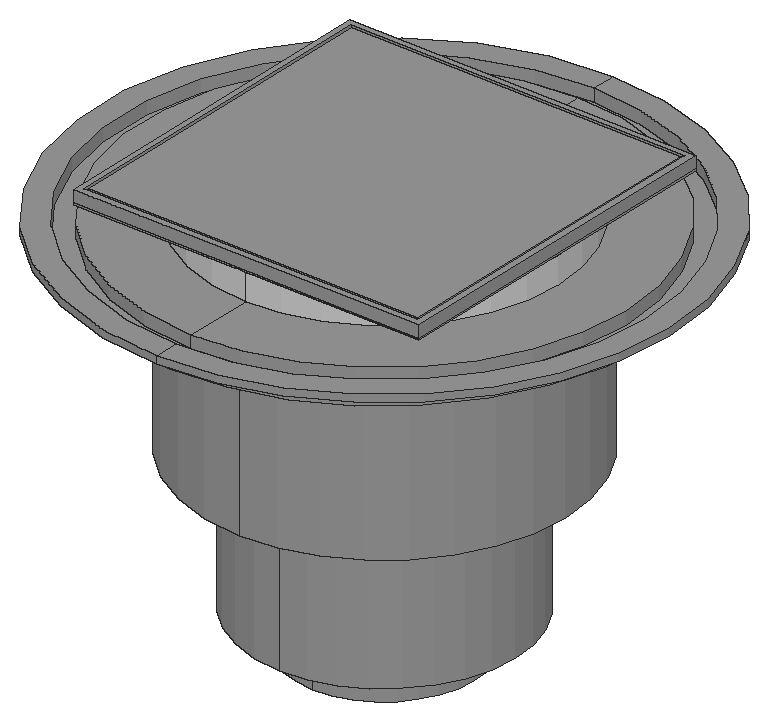
Revit family "HL_RU_Floor drain_HL3100Pr-A-160411", category Instalační zařizovací předměty, Revit 2021
Family settings
  Kóta kulaté spojky = Použít průměr
  Typ dílu = Normální
  Číslo OmniClass = 23.70.50.21.24.14
  Nadpis OmniClass = Deck Waste Water Drains
  Založené na pracovní rovině = Ne
  Vždy vertikální = Ano
  Ořezat dutým tvarem při načtení = Ne
  Sdílené = Ano
  Bod výpočtu místnosti = Ano
Parameters (values of type "HL3100Pr")
  РЕШЁТКА = "138 x 138 mm / V2A"
  РАЗМЕР = "DN50/75/110"
  ПРОПУСКНАЯ СПОСОБНОСТЬ = 0.8 L/s
  ПРОИЗВОДИТЕЛЬНОСТЬ = "0,8 l/s"
  ПРАВОВАЯ ИНФОРМАЦИЯ = "Авторские права(©), права на дизайн или какие либо другие права интелектуальной собственности являются исключительной собственностью компании HL Hutterer & Lechner. Изменению не подлежит. Файл семейства с данными о прозводителе изделия защищен паролем с водяным знаком."  # constant formula
  НОМИНАЛЬНЫЙ ДИАМЕТР [instance] = 50 mm
  НАСАДКА = "8-80 mm / 145 x 145 mm / PP-V4A"
  МАТЕРИАЛ = "PE"
  МАКСИМАЛЬНАЯ НАГРУЗКА КЛАССА = "K3 - 300kg"
  ВЫСОТА МОНТАЖА = "170mm"
  ВЕС = "1,07 [kg]"
  Výchozí výška = 0 mm
  Přípoj ventilace = no
  Výrobce = "HL Hutterer & Lechner GmbH"  # constant formula
  URL = "http://www.hutterer-lechner.com/ru/products/catalog/floor-drains/attachments/HL3100pr.aspx"
  Přípoj odpadních dílů = yes
  Přípoj HW = no
  Popis = "Трапы для внутренних помещений"
  Model = "HL3100Pr"
  Komentáře k typům = "HL3100Pr Трап для внутренних помещений DN50/75/110 вертикальный с \"СУХИМ\" сифоном Primus, 145x145 мм система крепления решётки Klick-Klack/138x138 мм"
  Keynote = "HL3100Pr"
  Высота монтажа [instance] = 177.746 mm
  EAN = "9003076025435"
  DN_test [instance] = if(or(НОМИНАЛЬНЫЙ ДИАМЕТР = 50 mm, НОМИНАЛЬНЫЙ ДИАМЕТР = 75 mm, НОМИНАЛЬНЫЙ ДИАМЕТР = 110 mm), 30 mm, 0 mm)  # 30 mm
  Přípoj CW = no
  B [instance] = if(НОМИНАЛЬНЫЙ ДИАМЕТР = 110 mm, Высота монтажа - 14.8 mm, Высота монтажа)  # 177.746 mm
  A [instance] = if(B - 100 mm > 15 mm, B - 100 mm, 15 mm)  # 77.746 mm
Reference planes
  plane 1 "Center (Front/Back)": y = 0
  plane 2: z = 0
  plane 3 "Center (Left/Right)": x = 0
  plane 4 "Ball Joint Vertical": x = 25.45
  plane 5: z = -177.746
  plane 6: z = -177.746
Lines and regions (mm)
  model lines, style "InvisibleLines"
    curve 1: line (0, 0, 0) -> (0, 0, 1000)
  reference lines
    curve 2: line (0, 0, 0) -> (0, 0, -177.746)
  model lines, detail levels coarse+medium
    curve 3: line (0, 0, -177.746) -> (0, 0, -100)
    curve 4: line (0, 0, -100) -> (100, 0, 0)
    curve 5: line (0, 0, -100) -> (-100, 0, 0)
  symbolic lines, detail levels coarse+medium
    curve 6: line (-75, 75, 0) -> (75, 75, 0)
    curve 7: line (-75, -75, 0) -> (-75, 75, 0)
    curve 8: line (75, -75, 0) -> (-75, -75, 0)
    curve 9: line (75, 75, 0) -> (75, -75, 0)
    curve 10: line (75, 75, 0) -> (145.711, 145.711, 0)
    curve 11: line (75, -75, 0) -> (145.711, -145.711, 0)
    curve 12: line (-75, 75, 0) -> (-145.711, 145.711, 0)
    curve 13: line (-75, -75, 0) -> (-145.711, -145.711, 0)
  symbolic lines, not visible, detail levels coarse+medium
    curve 14: line (-75, 75, 0) -> (75, 75, 0)
    curve 15: line (-75, -75, 0) -> (-75, 75, 0)
    curve 16: line (75, -75, 0) -> (-75, -75, 0)
    curve 17: line (75, 75, 0) -> (75, -75, 0)
    curve 18: line (75, 75, 0) -> (145.711, 145.711, 0)
    curve 19: line (75, -75, 0) -> (145.711, -145.711, 0)
    curve 20: line (-75, 75, 0) -> (-145.711, 145.711, 0)
    curve 21: line (-75, -75, 0) -> (-145.711, -145.711, 0)
  symbolic lines, style "InvisibleLines", not visible
    curve 22: line (0, 0, 0) -> (0, 0, -30)
Text (mm)
  text "FLOOR" at (-201.938, 0, -16.676), in view "Drain Construction View"
Dimensions and locks
  locked: plane 4 "Ball Joint Vertical" to plane 3 "Center (Left/Right)" at 25.45
  "Высота монтажа": plane 2 to plane 5
  "A": curve 5 to plane 6
  "B": curve 5 to plane 6
  "B": curve 4 to plane 6
  "B": plane 2 to plane 6
  "DN_test": curve 22 to curve 22
  locked: curve 4 to plane 3 "Center (Left/Right)" (angle 45.00°)
  locked: plane 3 "Center (Left/Right)" to curve 5 (angle 45.00°)
  aligned and locked: level to plane 2
  aligned and locked: plane 2 to curve 1
  aligned and locked: plane 3 "Center (Left/Right)" to curve 1
  aligned and locked: plane 3 "Center (Left/Right)" to curve 2
  aligned and locked: plane 3 "Center (Left/Right)" to curve 3
  aligned and locked: plane 3 "Center (Left/Right)" to curve 5
  aligned and locked: nested 2 to plane 5
  aligned and locked: plane 2 to curve 2
  aligned and locked: plane 6 to curve 2
Automatic sketch dimensions
  curve 3 to plane 5 = 0 mm
  level to curve 1 = 1000 mm
Nested families
  nested 1: "HL_Насадная деталь_HL03910.2E" at (0, 0, 0), type "HL03910.2E_Main Component"
    with Высота монтажа 20 mm, RN 4, RL 26 mm, R no, NL_Test yes, NL 40 mm
  nested 2: "HL_Корпус для трапа внутренних помещений_HL3100K" at (0, 0, -16.339), type "HL3100K_Main Component"
  nested 3: "HL_Вкладыш сифона_HL2100" at (0, 0, -5), type "HL2100_Main Component"
  nested 4: "HL_Решётка_HL03910.1E" at (0, 0, 0), type "HL03910.1E_Main Component"
Connectors
  piping at (0, 0, -177.746), diameter 50, driven by "ПРОПУСКНАЯ СПОСОБНОСТЬ", driven by "НОМИНАЛЬНЫЙ ДИАМЕТР"
    settings: on curve 2, index 1, connector inside diameter 609.6 mm, connector length 0 mm, flow factor 0, pipe flow 0.8 L/s, pressure drop 0.0 Pa, fitting loss kfactor 0, connector angle 0.00°, fixture units 0, engagement length 0 mm, angle of deflection 0.00°, flow configuration 1, flow direction 2, fitting loss method 0, system type 16, joint type 0, gender type 0, connector reference index -1, connector utility 0, adjustable connector no, is connector primary yes, connector description ""
Definition of nested family "HL_Насадная деталь_HL03910.2E"
  Parameters
    РАЗМЕР = "d 146 mm"
    ПРАВОВАЯ ИНФОРМАЦИЯ = "Авторские права(©), права на дизайн или какие либо другие права интелектуальной собственности являются исключительной собственностью компании HL Hutterer & Lechner. Изменению не подлежит. Файл семейства с данными о прозводителе изделия защищен паролем с водяным знаком."  # constant formula
    НАСАДКА = "145 x 145 mm"
    МАТЕРИАЛ = "PP-V4A"
    Высота монтажа [instance] = 80 mm
    ВЫСОТА МОНТАЖА = "8 - 80 mm"
    ВЕС = "0,25 [kg]"
    Waste Connection = yes
    Default Elevation = 0 mm
    Vent Connection = no
    RD = 6.5 mm  # constant formula
    R [instance] = ((Высота монтажа - NL_Min) / RD - 1) > 2  # yes
    RL [instance] = if(Высота монтажа < 15 mm, 1 mm, RD * RN)  # 84.5 mm
    NL_Test [instance] = and(or(Высота монтажа < NL_Max, Высота монтажа = NL_Max), or(Высота монтажа > NL_Min, Высота монтажа = NL_Min))  # yes
    NL_Min = 8 mm
    NL_Max = 80 mm
    NL [instance] = if(NL_Test, Высота монтажа + 20 mm, 0 mm)  # 100 mm
    RN [instance] = if((Высота монтажа + 20 mm - NL_Min) / RD - 1 < 2, 2, (Высота монтажа + 20 mm - NL_Min) / RD - 1)  # 13
    Manufacturer = "HL Hutterer & Lechner GmbH"  # constant formula
    URL = "http://www.hutterer-lechner.com/ru/products/catalog/floor-drains/attachments/HL03910.2e.aspx"
    HW Connection = no
    Description = "Трапы для внутренних помещений - Комплектующие"
    Model = "HL03910.2E"
    Type Comments = "HL03910.2E Насадной подрамник ? 146 мм/подрамники из нержавеющей стали 145х145 мм с уплотнительным кольцом. Система крепления Klick-Klack"
    Keynote = "HL03910.2E"
    EAN = "9003076025626"
    CW Connection = no
  Reference planes
    plane 1 "Center (Front/Back)": y = 0
    plane 2: z = 0
    plane 3 "Center (Left/Right)": x = 0
    plane 4 "Ball Joint Vertical": x = 25.45
    plane 5: z = -100
  Forms (mm)
    Revolve 1, solid, detail levels fine
      sketch origin (0, 0, 0) x (0, 1, 0) y (0, 0, 1)
        loop
          line (72.9, -100) -> (72.9, -5.7) -> (67.492, -5.7) -> (67.492, -100) -> (72.9, -100)
        axis (0, -5.7) -> (0, -100)
      angle from 0 to 360
    Extrusion 2, solid, detail levels fine
      sketch origin (0, 0, 0) x (1, 0, 0) y (0, 1, 0)
        loop
          circle (0, 0) r 67.492
        loop
          line (-72.5, 72.5) -> (-72.5, -72.5) -> (72.5, -72.5) -> (72.5, 72.5) -> (-72.5, 72.5)
      from -5 to -5.7
    Sweep 3, solid, detail levels fine
      path origin (0, 0, 0) x (1, 0, 0) y (0, 1, 0)
        loop
          line (-72.5, 72.5) -> (-72.5, -72.5) -> (72.5, -72.5) -> (72.5, 72.5) -> (-72.5, 72.5)
      profile origin (0, 72.5, 0) x (0, 1, 0) y (0, 0, 1)
        loop
          line (0, 0) -> (-2.5, 0) -> (-2.5, -5) -> (0, -5) -> (0, 0)
  Lines and regions (mm)
    symbolic lines
      curve 1: line (0, 0, -100) -> (0, 0, 0)
  Text (mm)
    text "ROOF/FLOOR" at (-198.233, 0, -26.556), in view "Drain Construction View"
  Dimensions and locks
    locked: plane 4 "Ball Joint Vertical" to plane 3 "Center (Left/Right)" at 25.45
    "NL": plane 2 to plane 5
    equal spacing: group 1, group 3, group 4, group 5, group 6, group 7, group 8, group 9, group 10, group 11, group 12, group 13, group 2  (x3)
    "RL": nested 2 to nested 1
    locked: nested 1 to plane 5 at 1.516
    aligned and locked: level to plane 2
    aligned and locked: plane 3 "Center (Left/Right)" to nested 1
    aligned and locked: plane 1 "Center (Front/Back)" to nested 1
    aligned and locked: plane 2 to curve 1
    aligned and locked: plane 5 to curve 1
    aligned and locked: plane 5 to Revolve 1
  Automatic sketch dimensions
    curve 1 to plane 4 "Ball Joint Vertical" = 25.45 mm
    Revolve 1 sketch curve to plane 1 "Center (Front/Back)" = 0 mm
    Revolve 1 sketch curve to level = 5.7 mm
    Revolve 1 sketch curve to plane 1 "Center (Front/Back)" = 67.492 mm
    Revolve 1 sketch curve to plane 5 = 0 mm
    Revolve 1 sketch curve to Revolve 1 sketch curve = 445.992 mm
    level to Revolve 1 sketch curve = 2741.474 mm
    Extrusion 2 sketch curve to Extrusion 2 sketch curve = 0 mm  (x2)
    plane 1 "Center (Front/Back)" to Extrusion 2 sketch curve = 0 mm
    Extrusion 2 sketch curve to plane 3 "Center (Left/Right)" = 0 mm
    Extrusion 2 sketch curve to plane 3 "Center (Left/Right)" = 72.5 mm
    plane 4 "Ball Joint Vertical" to Extrusion 2 sketch curve = 47.05 mm
    plane 1 "Center (Front/Back)" to Extrusion 2 sketch curve = 72.5 mm
    Extrusion 2 sketch curve to plane 1 "Center (Front/Back)" = 72.5 mm
    plane 1 "Center (Front/Back)" to Extrusion 2 sketch curve = 67.492 mm
    Sweep 3 sketch curve to plane 3 "Center (Left/Right)" = 72.5 mm
    plane 4 "Ball Joint Vertical" to Sweep 3 sketch curve = 47.05 mm
    plane 1 "Center (Front/Back)" to Sweep 3 sketch curve = 72.5 mm
    Sweep 3 sketch curve to plane 1 "Center (Front/Back)" = 72.5 mm
    Sweep 3 sketch curve to profile plane = 0 mm  (x2)
    profile plane to Sweep 3 sketch curve = 2.5 mm
    Sweep 3 sketch curve to profile plane = 5 mm
    Revolve 1 sketch curve to Revolve 1 sketch curve = 5.408 mm
  Nested families
    nested 1: "Ring" at (0, 0, -98.484), visible <- "R", type "Ring"
      with R 72.9 mm, D 145.8 mm
    nested 2: "Ring" at (0, 0, -13.984), visible <- "R", type "Ring"
      with R 72.9 mm, D 145.8 mm
    nested 3: "Ring" at (0, 0, -91.442), visible <- "R", type "Ring"
      with R 72.9 mm, D 145.8 mm
    nested 4: "Ring" at (0, 0, -84.401), visible <- "R", type "Ring"
      with R 72.9 mm, D 145.8 mm
    nested 5: "Ring" at (0, 0, -77.359), visible <- "R", type "Ring"
      with R 72.9 mm, D 145.8 mm
    nested 6: "Ring" at (0, 0, -70.317), visible <- "R", type "Ring"
      with R 72.9 mm, D 145.8 mm
    nested 7: "Ring" at (0, 0, -63.276), visible <- "R", type "Ring"
      with R 72.9 mm, D 145.8 mm
    nested 8: "Ring" at (0, 0, -56.234), visible <- "R", type "Ring"
      with R 72.9 mm, D 145.8 mm
    nested 9: "Ring" at (0, 0, -49.192), visible <- "R", type "Ring"
      with R 72.9 mm, D 145.8 mm
    nested 10: "Ring" at (0, 0, -42.151), visible <- "R", type "Ring"
      with R 72.9 mm, D 145.8 mm
    nested 11: "Ring" at (0, 0, -35.109), visible <- "R", type "Ring"
      with R 72.9 mm, D 145.8 mm
    nested 12: "Ring" at (0, 0, -28.067), visible <- "R", type "Ring"
      with R 72.9 mm, D 145.8 mm
    nested 13: "Ring" at (0, 0, -21.026), visible <- "R", type "Ring"
      with R 72.9 mm, D 145.8 mm
  Definition of nested family "Ring"
    Parameters (values of type "Ring")
      Manufacturer = ""
      Default Elevation = 0 mm
      URL = ""
      R = D / 2  # 51.5 mm
      Description = ""
      Model = ""
      Material = none
      Type Comments = ""
      D = 103 mm
      Cost = 0
    Reference planes
      plane 1 "Střed (vpředu/vzadu)": y = 0
      plane 2: z = 0
      plane 3 "Střed (vlevo/vpravo)": x = 0
    Forms (mm)
      Revolve 1, solid, material <- "Material", detail levels fine
        sketch origin (0, 0, 0) x (1, 0, 0) y (0, 0, 1)
          loop
            line (-51.5, 1.482) -> (-54.764, 0) -> (-51.5, -1.516) -> (-51.5, 1.482)
          axis (0, 1.482) -> (0, -1.516)
        angle from 0 to 360
    Dimensions and locks
      "R": Revolve 1 sketch curve to plane 3 "Střed (vlevo/vpravo)"
      aligned and locked: level to plane 2
      aligned and locked: Revolve 1 sketch curve to plane 3 "Střed (vlevo/vpravo)"
    Automatic sketch dimensions
      Revolve 1 sketch curve to level = 0 mm
      Revolve 1 sketch curve to Revolve 1 sketch curve = 3.264 mm
      Revolve 1 sketch curve to level = 1.516 mm
      level to Revolve 1 sketch curve = 1.482 mm
      Revolve 1 sketch curve to level = 381 mm
      Revolve 1 sketch curve to Revolve 1 sketch curve = 2212.833 mm
Definition of nested family "HL_Корпус для трапа внутренних помещений_HL3100K"
  Parameters
    РАЗМЕР = "DN50/75/110"
    ПРАВОВАЯ ИНФОРМАЦИЯ = "Авторские права(©), права на дизайн или какие либо другие права интелектуальной собственности являются исключительной собственностью компании HL Hutterer & Lechner. Изменению не подлежит. Файл семейства с данными о прозводителе изделия защищен паролем с водяным знаком."  # constant formula
    МАТЕРИАЛ = "PE"
    ВЫСОТА МОНТАЖА = "162 mm"
    ВЕС = "0,45 [kg]"
    Waste Connection = yes
    Default Elevation = 0 mm
    Vent Connection = no
    Manufacturer = "HL Hutterer & Lechner GmbH"  # constant formula
    URL = "http://www.hutterer-lechner.com/ru/products/catalog/floor-drains/attachments/HL3100k.aspx"
    HW Connection = no
    Description = "Трапы для внутренних помещений - Комплектующие"
    Model = "HL3100K"
    Type Comments = "HL3100K Корпус для трапа внутренних помещений DN50/75/110 вертикальный"
    Keynote = "HL3100K"
    EAN = "9003076025510"
    CW Connection = no
  Reference planes
    plane 1 "Center (Front/Back)": y = 0
    plane 2: z = 0
    plane 3 "Center (Left/Right)": x = 0
    plane 4 "Ball Joint Vertical": x = 25.45
  Forms (mm)
    Revolve 1, solid, detail levels fine
      sketch origin (0, 0, 0) x (0, 1, 0) y (0, 0, 1)
        loop
          line (119.5, 0) -> (109.5, 0) -> (109.5, -5.224) -> (101.35, -5.224) -> (101.35, 0) -> (72.99, 0) -> (72.99, -83.661) -> (52.566, -83.661) -> (37.468, -103.337) -> (22, -103.337) -> (22, -161.407) -> (25, -161.407) -> (25, -106.289) -> (34.5, -106.289) -> (34.5, -161.407) -> (37.5, -161.407) -> (37.5, -108.224) -> (52, -89.327) -> (52, -146.644) -> (55, -146.644) -> (55, -86.614) -> (76, -86.614) -> (76, -8.177) -> (112.402, -8.177) -> (112.402, -3.004) -> (119.5, -3.004) -> (119.5, 0)
        axis (0, 0) -> (0, -161.407)
      angle from 0 to 360
  Text (mm)
    text "ROOF/FLOOR" at (-198.233, 0, -26.556), in view "Drain Construction View"
  Dimensions and locks
    locked: plane 4 "Ball Joint Vertical" to plane 3 "Center (Left/Right)" at 25.45
    aligned and locked: level to plane 2
Definition of nested family "HL_Вкладыш сифона_HL2100"
  Parameters
    ПРАВОВАЯ ИНФОРМАЦИЯ = "Авторские права(©), права на дизайн или какие либо другие права интелектуальной собственности являются исключительной собственностью компании HL Hutterer & Lechner. Изменению не подлежит. Файл семейства с данными о прозводителе изделия защищен паролем с водяным знаком."  # constant formula
    МАТЕРИАЛ = "PP/ABS"
    ВЕС = "0,18 [kg]"
    Waste Connection = yes
    Default Elevation = 0 mm
    Vent Connection = no
    Manufacturer = "HL Hutterer & Lechner GmbH"  # constant formula
    URL = "http://www.hutterer-lechner.com/ru/products/catalog/floor-drains/attachments/HL2100.aspx"
    HW Connection = no
    Description = "Трапы для внутренних помещений - Комплектующие"
    Model = "HL2100"
    Type Comments = "HL2100 \"СУХОЙ\" сифон Primus для HL3100Pr и HL5100Pr"
    Keynote = "HL2100"
    EAN = "9003076025619"
    CW Connection = no
  Reference planes
    plane 1 "Center (Front/Back)": y = 0
    plane 2: z = 0
    plane 3 "Center (Left/Right)": x = 0
    plane 4 "Ball Joint Vertical": x = 25.45
  Forms (mm)
    Revolve 1, solid, detail levels fine
      sketch origin (0, 0, 0) x (0, 1, 0) y (0, 0, 1)
        loop
          line (63.897, -81) -> (63.897, -15) -> (66.997, -14.729) -> (66.997, -2) -> (69.571, -2) -> (69.571, 0) -> (61.997, 0) -> (61.997, -79) -> (22.497, -79) -> (22.497, -26) -> (20.497, -26) -> (20.497, -81) -> (63.897, -81)
        axis (0, 0) -> (0, -81)
      angle from 0 to 360
    Revolve 2, solid, detail levels fine
      sketch origin (0, 0, 0) x (0, 1, 0) y (0, 0, 1)
        loop
          arc (66.997, -11.181) -> (68.413, -9.26) -> (66.997, -7.34) r 2.01
          line (66.997, -7.34) -> (66.997, -11.181)
        axis (0, -7.34) -> (0, -11.181)
      angle from 0 to 360
    Revolve 3, solid, detail levels fine
      sketch origin (0, 0, 0) x (0, 1, 0) y (0, 0, 1)
        loop
          line (54.95, -24.5) -> (0, -24.5) -> (0, -26) -> (31.3, -26) -> (31.3, -79) -> (54.95, -79) -> (54.95, -24.5)
        axis (0, -24.5) -> (0, -79)
      angle from 0 to 360
    Extrusion 4, solid, detail levels fine
      sketch origin (0, 0, 0) x (1, 0, 0) y (0, 1, 0)
        loop
          line (15.556, 25.173) -> (25.173, 15.556) -> (29.698, 20.082) -> (20.082, 29.698) -> (15.556, 25.173)
        loop
          line (-15.556, -25.173) -> (-25.173, -15.556) -> (-29.698, -20.082) -> (-20.082, -29.698) -> (-15.556, -25.173)
      from -79 to -90
    Extrusion 5, solid, detail levels fine
      sketch origin (0, 0, 0) x (1, 0, 0) y (0, 1, 0)
        loop
          circle (0, 0) r 35.851
      from -92 to -90
  Cuts and joins
    joined: Revolve 1, Extrusion 4, Extrusion 5
  Text (mm)
    text "ROOF/FLOOR" at (-198.233, 0, -26.556), in view "Drain Construction View"
  Dimensions and locks
    locked: plane 4 "Ball Joint Vertical" to plane 3 "Center (Left/Right)" at 25.45
    aligned and locked: level to plane 2
Definition of nested family "HL_Решётка_HL03910.1E"
  Parameters
    РАЗМЕР = "138x138mm"
    ПРАВОВАЯ ИНФОРМАЦИЯ = "Авторские права(©), права на дизайн или какие либо другие права интелектуальной собственности являются исключительной собственностью компании HL Hutterer & Lechner. Изменению не подлежит. Файл семейства с данными о прозводителе изделия защищен паролем с водяным знаком."  # constant formula
    МАКСИМАЛЬНАЯ НАГРУЗКА КЛАССА = "K3 - 300 kg"
    ВЕС = "0,22 [kg]"
    Waste Connection = yes
    Default Elevation = 0 mm
    Vent Connection = no
    Manufacturer = "HL Hutterer & Lechner GmbH"  # constant formula
    URL = "http://www.hutterer-lechner.com/ru/Products/catalog/floor-drains/attachments/HL03910.1E.aspx"
    HW Connection = no
    Description = "Трапы для внутренних помещений - Комплектующие"
    Model = "HL03910.1E"
    Type Comments = "HL03910.1E Решётка из нержавеющей стали 138х138 мм"
    Keynote = "HL03910.1E"
    EAN = "9003076025633"
    CW Connection = no
  Reference planes
    plane 1 "Center (Front/Back)": y = 0
    plane 2: z = 0
    plane 3 "Center (Left/Right)": x = 0
    plane 4 "Ball Joint Vertical": x = 25.45
  Forms (mm)
    Extrusion 1, solid, detail levels fine
      sketch origin (0, 0, 0) x (1, 0, 0) y (0, 1, 0)
        loop
          line (-69, 69) -> (-69, -69) -> (69, -69) -> (69, 69) -> (-69, 69)
      from 0 to -5
  Lines and regions (mm)
    model lines, detail levels fine
      curve 1: arc (30.966, 53.713, 0) -> (0, 62, 0) -> (-30.966, 53.713, 0) r 62
      curve 2: arc (26.97, 46.783, 0) -> (0, 54, 0) -> (-26.97, 46.783, 0) r 54
      curve 3: arc (-19.637, 37.127, 0) -> (0, 42, 0) -> (19.637, 37.127, 0) r 42
      curve 4: arc (-15.897, 30.055, 0) -> (0, 34, 0) -> (15.897, 30.055, 0) r 34
      curve 5: arc (15.897, 30.055, 0) -> (21.303, 31.72, 0) -> (19.637, 37.127, 0) r 4
      curve 6: arc (-15.897, 30.055, 0) -> (-21.303, 31.72, 0) -> (-19.637, 37.127, 0) r 4
      curve 7: arc (-30.966, 53.713, 0) -> (-32.433, 48.25, 0) -> (-26.97, 46.783, 0) r 4
      curve 8: arc (26.97, 46.783, 0) -> (32.433, 48.25, 0) -> (30.966, 53.713, 0) r 4
      curve 9: arc (53.713, 30.966, 0) -> (62, 0, 0) -> (53.713, -30.966, 0) r 62
      curve 10: arc (46.783, 26.97, 0) -> (54, 0, 0) -> (46.783, -26.97, 0) r 54
      curve 11: arc (46.783, 26.97, 0) -> (48.25, 32.433, 0) -> (53.713, 30.966, 0) r 4
      curve 12: arc (53.713, -30.966, 0) -> (48.25, -32.433, 0) -> (46.783, -26.97, 0) r 4
      curve 13: arc (37.127, -19.637, 0) -> (42, 0, 0) -> (37.127, 19.637, 0) r 42
      curve 14: arc (30.055, -15.897, 0) -> (34, 0, 0) -> (30.055, 15.897, 0) r 34
      curve 15: arc (30.055, 15.897, 0) -> (31.72, 21.303, 0) -> (37.127, 19.637, 0) r 4
      curve 16: arc (30.055, -15.897, 0) -> (31.72, -21.303, 0) -> (37.127, -19.637, 0) r 4
      curve 17: arc (15.897, -30.055, 0) -> (0, -34, 0) -> (-15.897, -30.055, 0) r 34
      curve 18: arc (19.637, -37.127, 0) -> (0, -42, 0) -> (-19.637, -37.127, 0) r 42
      curve 19: arc (15.897, -30.055, 0) -> (21.303, -31.72, 0) -> (19.637, -37.127, 0) r 4
      curve 20: arc (-15.897, -30.055, 0) -> (-21.303, -31.72, 0) -> (-19.637, -37.127, 0) r 4
      curve 21: arc (26.97, -46.783, 0) -> (0, -54, 0) -> (-26.97, -46.783, 0) r 54
      curve 22: arc (30.966, -53.713, 0) -> (0, -62, 0) -> (-30.966, -53.713, 0) r 62
      curve 23: arc (-30.966, -53.713, 0) -> (-32.433, -48.25, 0) -> (-26.97, -46.783, 0) r 4
      curve 24: arc (26.97, -46.783, 0) -> (32.433, -48.25, 0) -> (30.966, -53.713, 0) r 4
      curve 25: arc (-30.055, 15.897, 0) -> (-34, 0, 0) -> (-30.055, -15.897, 0) r 34
      curve 26: arc (-37.127, 19.637, 0) -> (-42, 0, 0) -> (-37.127, -19.637, 0) r 42
      curve 27: arc (-30.055, -15.897, 0) -> (-31.72, -21.303, 0) -> (-37.127, -19.637, 0) r 4
      curve 28: arc (-30.055, 15.897, 0) -> (-31.72, 21.303, 0) -> (-37.127, 19.637, 0) r 4
      curve 29: arc (-46.783, 26.97, 0) -> (-54, 0, 0) -> (-46.783, -26.97, 0) r 54
      curve 30: arc (-53.713, 30.966, 0) -> (-62, 0, 0) -> (-53.713, -30.966, 0) r 62
      curve 31: arc (-46.783, 26.97, 0) -> (-48.25, 32.433, 0) -> (-53.713, 30.966, 0) r 4
      curve 32: arc (-53.713, -30.966, 0) -> (-48.25, -32.433, 0) -> (-46.783, -26.97, 0) r 4
    model lines
      curve 33: line (0, 0, 0) -> (0, 0, 100)
  Text (mm)
    text "ROOF/FLOOR" at (-198.233, 0, -26.556), in view "Drain Construction View"
  Dimensions and locks
    locked: plane 4 "Ball Joint Vertical" to plane 3 "Center (Left/Right)" at 25.45
    aligned and locked: level to plane 2
